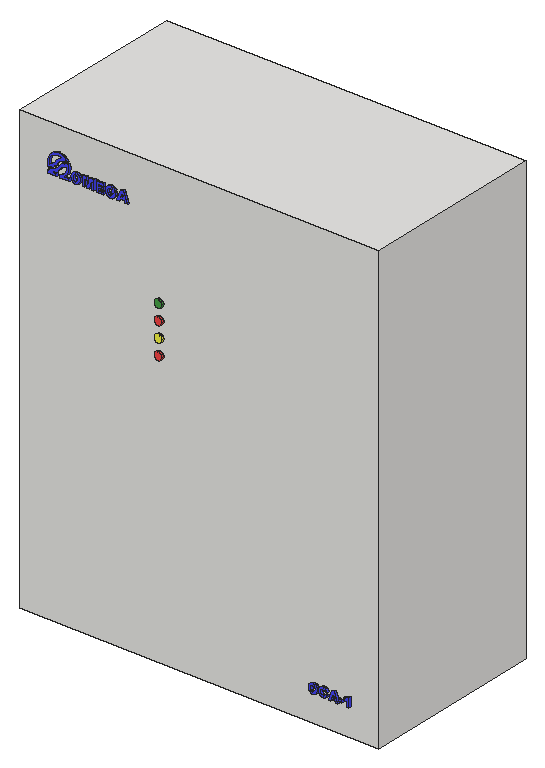
Revit family "ARBM_Прибор_Управления_Оповещением_Световым_Омега-Саунд_ОСА-1_Ru_11", category Устройства вызова и оповещения, Revit 2022
Family settings
  Размер круглого соединителя = Использовать диаметр
  Тип детали = Нормальный
  Номер OmniClass = 23.80.30.11.17
  Заголовок OmniClass = Distribution Boards and Control Panels
  На основе рабочей плоскости = Да
  Всегда вертикально = Нет
  При загрузке вырезать с полостями = Нет
  Сохранять ориентацию аннотаций = Нет
  Общий = Нет
  Точка принадлежности помещению = Нет
Parameters
  УГО Смещение Y [instance] = 1000 mm
  УГО Смещение X [instance] = 1000 mm
  УГО Прямое Видимость [instance] = yes
  УГО Обратное Видимость [instance] = no
  УГО Масштаб 1 Видимость [instance] = yes
  УГО Масштаб 0.6 Видимость [instance] = no
  Default Elevation = 1219.2 mm
  В УГО Смещение Y [instance] = -УГО Смещение Y / 100 + 10 mm  # 0 mm
  В УГО Смещение X [instance] = -УГО Смещение X / 100 + 10 mm  # 0 mm
  d соед. кор. [instance] = if(d короба > 20 mm, 20 mm, d короба)  # 20 mm
  d короба [instance] = 20 mm
  ARBM_ТП_СПС_Потребляемая мощность = 30 W  # constant formula
  ARBM_ТП_СПС_Пост. ток потреб. в тревож. режиме = 775  # constant formula
  ARBM_ТП_СПС_Пост. ток потреб. в деж. режиме = 400  # constant formula
  ARBM_ТП_СПС_Номин. напряжение питания = 12 V  # constant formula
  ARBM_ТП_СПС_Мин. напряжение питания = 100 V  # constant formula
  ARBM_ТП_СПС_Макс. напряжение питания = 260 V  # constant formula
  ARBM_ПСБ_БЦО = "ARK"
  ARBM_ПС_Имя изделия = "ARK1"
  ARBM_ПП_УГО для ОД на схеме/разрезе = 0
  ARBM_ПП_УГО для ОД на плане = 0
  ARBM_ПП_Раздел спецификации ОИМ [instance] = ""
  ARBM_ПП_Раздел проекта = "Система оповещения и управления эвакуацией"
  ARBM_ПИ_Разработчик модели (телефон) = "+37529-698-54-00"  # constant formula
  ARBM_ПИ_Разработчик модели (email) = "sd@aerbim.com"  # constant formula
  ARBM_ПИ_Разработчик модели (URL) = "https://aerbim.com"
  ARBM_ПИ_Разработчик модели = "Группа компаний AerBIM"  # constant formula
  ARBM_ПИ_Дата изменения семейств = ""
  ARBM_SP_NeedMark [instance] = yes
  ARBM_SP_IsEmbedded [instance] = yes
  ARBM_SP_ElementNumber [instance] = 0
  ARBM_SP_ElementMark [instance] = ""
  ARBM_SP_ElementIndex [instance] = 0
  ARBM_SP_ElementAltMark [instance] = ""
  ARBM_SP_CircuitName [instance] = ""
  ARBM_SP_AddressCount [instance] = 0
  ARBM_SP_AdaptationForMarking = 0
  ADSK_Размер_Ширина = 205 mm  # constant formula
  ADSK_Размер_Глубина = 105 mm  # constant formula
  ADSK_Размер_Высота = 255 mm  # constant formula
  ADSK_Примечание = ""
  ADSK_Позиция = ""
  ADSK_Обозначение = ""
  ADSK_Наименование краткое = "Прибор управления"  # constant formula
  ADSK_Наименование = "Прибор управления световым оповещением"  # constant formula
  ADSK_Масса = 2  # constant formula
  ADSK_Марка = "ОСА-1"  # constant formula
  ADSK_Код изделия = "ОСА-1"  # constant formula
  ADSK_Зона = ""
  ADSK_Завод-изготовитель = "Омега Саунд"  # constant formula
  ADSK_Единица измерения = "шт"  # constant formula
  ADSK_Версия семейства = "Версия 1"  # constant formula
  ADSK_Версия Revit = "2020"  # constant formula
  ADSK_URL страницы изделия = "https://omegasound.ru/product/sistemy-opoveshcheniya-i-upravleniya-evakuatsiey/pribory-upravleniya-i-usiliteli-moshchnosti/pribor-upravleniya-osa-1/"
  ADSK_URL документации изделия = "https://omegasound.ru/upload/iblock/b28/OSA_1_v1.7.pdf"
Reference planes
  plane 1 "По центру (Вперед/Назад)": y = 0
  plane 2: z = 0
  plane 3 "По центру (Влево/Вправо)": x = 0
  plane 4: x = 500
  plane 5: y = 500
  plane 6: x = 102.5
  plane 7: x = -102.5
  plane 8: y = -105
  plane 9: z = 255
Lines and regions (mm)
  reference lines
    curve 1: line (-500, 0, 0) -> (-500, -500, 0)
    curve 2: line (-500, -500, 0) -> (500, -500, 0)
Dimensions and locks
  equal spacing: plane 7, plane 3 "По центру (Влево/Вправо)", plane 6
  "ADSK_Размер_Ширина": plane 7 to plane 6
  "ADSK_Размер_Высота": plane 9 to plane 2
  "УГО Смещение Y": curve 2 to plane 5
  locked: curve 1 to curve 1 at 500
  "УГО Смещение X": curve 1 to plane 4
  locked: curve 2 to curve 2 at 1000
  aligned and locked: level to plane 2
  aligned and locked: nested 1 to plane 7
  aligned and locked: plane 1 "По центру (Вперед/Назад)" to nested 1
  aligned and locked: plane 6 to nested 1
  aligned and locked: plane 8 to nested 1
Nested families
  nested 1: "ARBM_Корпус_Прибор_Управления_Оповещением_Световым" at (0, 0, 0), type "ARBM_Корпус_Прибор_Управления_Оповещением_Световым"
  nested 2: "AER_УГО_ПКП_Обратное" at (0, 0, 0), visible <- "УГО Обратное Видимость", Смещение X <- "В УГО Смещение X", Смещение Y <- "В УГО Смещение Y", УГО Масштаб 0.6 Видимость <- "УГО Масштаб 0.6 Видимость", УГО Масштаб 1 Видимость <- "УГО Масштаб 1 Видимость", type "AER_УГО_ПКП_Обратное", detail levels coarse
    with УГО Масштаб 1 Видимость yes, УГО Масштаб 0.6 Видимость no, Смещение Y 0 mm, Смещение X 0 mm, В Смещение Y 10 mm, В Смещение X 10 mm
  nested 3: "ARBM_УГО_ПКП_Прямое" at (0, 0, 0), visible <- "УГО Прямое Видимость", Смещение X <- "В УГО Смещение X", Смещение Y <- "В УГО Смещение Y", УГО Масштаб 0.6 Видимость <- "УГО Масштаб 0.6 Видимость", УГО Масштаб 1 Видимость <- "УГО Масштаб 1 Видимость", type "ARBM_УГО_ПКП_Прямое", detail levels coarse
    with УГО Масштаб 1 Видимость yes, УГО Масштаб 0.6 Видимость no, Смещение Y 0 mm, Смещение X 0 mm, В Смещение Y 10 mm, В Смещение X 10 mm
Connectors
  cabletrayconduit at (-102.5, -39.066, 99.564), diameter 20, driven by "d соед. кор."
    settings: on plane 7, index 2, connector width 300 mm, connector height 300 mm, connector angle 0.00°, system type 32, placement type 0, profile type 0, connector reference index -1, is primary connector yes, connector utility param no, connector description ""
  cabletrayconduit at (102.5, -39.066, 99.564), diameter 20, driven by "d соед. кор."
    settings: on plane 6, index 3, connector width 300 mm, connector height 300 mm, connector angle 0.00°, system type 32, placement type 0, profile type 0, connector reference index -1, is primary connector no, connector utility param no, connector description ""
  cabletrayconduit at (0, -37.207, 0), diameter 20, driven by "d соед. кор."
    settings: on plane 2, index 4, connector width 300 mm, connector height 300 mm, connector angle 0.00°, system type 32, placement type 0, profile type 0, connector reference index -1, is primary connector no, connector utility param no, connector description ""
  cabletrayconduit at (0, -37.207, 255), diameter 20, driven by "d соед. кор."
    settings: on plane 9, index 5, connector width 300 mm, connector height 300 mm, connector angle 0.00°, system type 32, placement type 0, profile type 0, connector reference index -1, is primary connector no, connector utility param no, connector description ""
  electrical at (0, 0, 0)
    settings: on plane 1 "По центру (Вперед/Назад)", index 6, voltage 0 V, apparent load 0 VA, apparent load phase1 0 VA, apparent load phase2 0 VA, apparent load phase3 0 VA, power factor 1, load classification "Прочее", number of poles 1, system type 12, power factor state 1, is connector primary yes, connector utility no, sub classification motor no, connector description ""
Definition of nested family "ARBM_Корпус_Прибор_Управления_Оповещением_Световым"
  Parameters (values of type "ARBM_Корпус_Прибор_Управления_Оповещением_Световым")
    Default Elevation = 1219.2 mm
    ADSK_Размер_Ширина = 205 mm
    ADSK_Размер_Глубина = 105 mm
    ADSK_Размер_Высота = 255 mm
  Reference planes
    plane 1 "По центру (Вперед/Назад)": y = 0
    plane 2: z = 0
    plane 3 "По центру (Влево/Вправо)": x = 0
    plane 4: x = -102.5
    plane 5: x = 102.5
    plane 6: y = -105
    plane 7: z = 255
    plane 8: x = -62.791
    plane 9: x = -43.232
    plane 10: x = 77.447
    plane 11: z = 171.897
    plane 12: z = 127.5
  Forms (mm)
    Extrusion 1, solid, detail levels medium+fine
      sketch origin (0, 0, 0) x (1, 0, 0) y (0, 1, 0)
        loop
          line (-102.5, -105) -> (102.5, -105) -> (102.5, 0) -> (-102.5, 0) -> (-102.5, -105)
      from 0 to 255
    Extrusion 2, solid, detail levels medium+fine
      sketch origin (0, 0, 0) x (1, 0, 0) y (0, 0, 1)
        loop
          arc (-85.682, 233.002) -> (-82.679, 233.522) -> (-80.419, 235.569) r 5.473
          arc (-80.419, 235.569) -> (-78.068, 237.987) -> (-74.746, 238.574) r 5.49
          arc (-74.746, 238.574) -> (-82.764, 240.793) -> (-85.682, 233.002) r 6.161
        loop
          arc (-84.758, 234.336) -> (-82.613, 235.14) -> (-81.062, 236.827) r 4.934
          arc (-81.062, 236.827) -> (-79.519, 238.566) -> (-77.387, 239.497) r 5.409
          arc (-77.387, 239.497) -> (-82.815, 239.404) -> (-84.758, 234.336) r 4.851
        loop
          arc (-74.03, 237.431) -> (-77.515, 236.917) -> (-79.889, 234.316) r 5.248
          arc (-79.889, 234.316) -> (-82.191, 232.456) -> (-85.095, 231.888) r 6.14
          arc (-85.095, 231.888) -> (-84.522, 231.187) -> (-83.862, 230.565) r 6.976
          line (-83.862, 230.565) -> (-86.006, 230.565) -> (-86.006, 229.15) -> (-81.084, 229.15) -> (-81.084, 230.629) -> (-82.255, 231.126)
          arc (-82.255, 231.126) -> (-80.002, 232.09) -> (-78.389, 233.935) r 5.521
          arc (-78.389, 233.935) -> (-77.069, 235.392) -> (-75.223, 236.07) r 4.115
          arc (-75.223, 236.07) -> (-75.832, 232.552) -> (-78.798, 230.565) r 4.535
          line (-78.798, 230.565) -> (-78.798, 229.15) -> (-73.798, 229.15) -> (-73.798, 230.542) -> (-75.921, 230.542)
          arc (-75.921, 230.542) -> (-73.916, 233.696) -> (-74.03, 237.431) r 6.355
        loop
          spline (-69.806, 233.912) -> (-70.143, 233.85) -> (-70.456, 233.669) -> (-70.725, 233.381) -> (-70.932, 233.006) -> (-71.061, 232.568) -> (-71.106, 232.099) -> (-71.061, 231.629) -> (-70.932, 231.192) -> (-70.725, 230.816) -> (-70.456, 230.528) -> (-70.143, 230.347) -> (-69.806, 230.285)
          spline (-69.806, 230.285) -> (-69.47, 230.347) -> (-69.157, 230.528) -> (-68.888, 230.816) -> (-68.681, 231.192) -> (-68.552, 231.629) -> (-68.507, 232.099) -> (-68.552, 232.568) -> (-68.681, 233.006) -> (-68.888, 233.381) -> (-69.157, 233.669) -> (-69.47, 233.85) -> (-69.806, 233.912)
        loop
          spline (-69.806, 235.069) -> (-70.507, 234.968) -> (-71.159, 234.672) -> (-71.72, 234.202) -> (-72.15, 233.589) -> (-72.42, 232.875) -> (-72.512, 232.109) -> (-72.42, 231.343) -> (-72.15, 230.629) -> (-71.72, 230.016) -> (-71.159, 229.546) -> (-70.507, 229.25) -> (-69.806, 229.15)
          spline (-69.806, 229.15) -> (-69.106, 229.25) -> (-68.453, 229.546) -> (-67.892, 230.016) -> (-67.462, 230.629) -> (-67.192, 231.343) -> (-67.1, 232.109) -> (-67.192, 232.875) -> (-67.462, 233.589) -> (-67.892, 234.202) -> (-68.453, 234.672) -> (-69.106, 234.968) -> (-69.806, 235.069)
        loop
          line (-66.125, 229.431) -> (-64.644, 229.431) -> (-64.644, 233.206) -> (-63.561, 229.431) -> (-62.003, 229.431) -> (-60.938, 233.145) -> (-60.938, 229.431) -> (-59.457, 229.431) -> (-59.457, 234.944) -> (-61.797, 234.944) -> (-62.791, 231.691) -> (-63.785, 234.944) -> (-66.125, 234.944) -> (-66.125, 229.431)
        loop
          line (-58.148, 234.944) -> (-58.148, 229.15) -> (-53.871, 229.15) -> (-53.871, 230.361) -> (-56.749, 230.361) -> (-56.749, 231.544) -> (-53.871, 231.544) -> (-53.871, 232.593) -> (-56.749, 232.593) -> (-56.749, 233.454) -> (-53.871, 233.454) -> (-53.871, 234.944) -> (-58.148, 234.944)
        loop
          arc (-47.281, 233.647) -> (-52.858, 232.004) -> (-47.281, 230.361) r 3.03
          line (-47.281, 230.361) -> (-47.281, 232.593) -> (-49.555, 232.593) -> (-49.555, 231.544) -> (-48.165, 231.544)
          arc (-48.165, 231.544) -> (-51.556, 231.812) -> (-48.461, 233.224) r 1.757
          line (-48.461, 233.224) -> (-47.281, 233.647)
        loop
          line (-43.232, 235.1) -> (-44.063, 235.1) -> (-46.229, 229.15) -> (-44.797, 229.15) -> (-44.356, 230.361) -> (-43.232, 230.361) -> (-42.108, 230.361) -> (-41.667, 229.15) -> (-40.235, 229.15) -> (-42.401, 235.1) -> (-43.232, 235.1)
        loop
          line (-42.636, 231.666) -> (-43.232, 233.45) -> (-43.881, 231.666) -> (-42.636, 231.666)
        loop
          spline (65.904, 19.817) -> (65.568, 19.762) -> (65.254, 19.6) -> (64.985, 19.343) -> (64.779, 19.008) -> (64.649, 18.618) -> (64.605, 18.2) -> (64.649, 17.781) -> (64.779, 17.392) -> (64.985, 17.057) -> (65.254, 16.8) -> (65.568, 16.638) -> (65.904, 16.583)
          spline (65.904, 16.583) -> (66.24, 16.638) -> (66.553, 16.8) -> (66.822, 17.057) -> (67.029, 17.392) -> (67.159, 17.781) -> (67.203, 18.2) -> (67.159, 18.618) -> (67.029, 19.008) -> (66.822, 19.343) -> (66.553, 19.6) -> (66.24, 19.762) -> (65.904, 19.817)
        loop
          spline (65.904, 20.945) -> (65.204, 20.851) -> (64.551, 20.578) -> (63.991, 20.144) -> (63.56, 19.577) -> (63.29, 18.918) -> (63.198, 18.21) -> (63.29, 17.503) -> (63.56, 16.843) -> (63.991, 16.277) -> (64.551, 15.842) -> (65.204, 15.569) -> (65.904, 15.476)
          spline (65.904, 15.476) -> (66.605, 15.569) -> (67.257, 15.842) -> (67.818, 16.277) -> (68.248, 16.843) -> (68.518, 17.503) -> (68.611, 18.21) -> (68.518, 18.918) -> (68.248, 19.577) -> (67.818, 20.144) -> (67.257, 20.578) -> (66.605, 20.851) -> (65.904, 20.945)
        loop
          arc (74.166, 17.555) -> (69.146, 18.322) -> (74.166, 19.089) r 2.568
          line (74.166, 19.089) -> (72.982, 19.089)
          arc (72.982, 19.089) -> (70.29, 18.322) -> (72.982, 17.555) r 1.456
          line (72.982, 17.555) -> (74.166, 17.555)
        loop
          line (77.447, 20.893) -> (76.616, 20.893) -> (74.691, 15.603) -> (76.122, 15.603) -> (76.479, 16.583) -> (77.447, 16.583) -> (78.414, 16.583) -> (78.771, 15.603) -> (80.203, 15.603) -> (78.277, 20.893) -> (77.447, 20.893)
        loop
          line (78.042, 17.459) -> (77.447, 19.242) -> (76.798, 17.459) -> (78.042, 17.459)
        loop
          line (80.459, 18.083) -> (80.459, 16.85) -> (82.552, 16.85) -> (82.552, 18.083) -> (80.459, 18.083)
        loop
          line (83.436, 19.496) -> (83.436, 18.482)
          arc (83.436, 18.482) -> (84.389, 18.651) -> (85.252, 19.089) r 3.292
          line (85.252, 19.089) -> (85.252, 15.603) -> (86.372, 15.603) -> (86.372, 20.893) -> (85.274, 20.893)
          arc (85.274, 20.893) -> (84.642, 19.817) -> (83.436, 19.496) r 1.642
      from 105 to 106
    Extrusion 3, solid, detail levels medium+fine
      sketch origin (-102.5, -105, 0) x (1, 0, 0) y (0, 0, 1)
        loop
          circle (79.728, 184.355) r 2.213
      from 0 to 1
    Extrusion 4, solid, detail levels medium+fine
      sketch origin (-102.5, -105, -8.853) x (1, 0, 0) y (0, 0, 1)
        loop
          circle (79.728, 184.355) r 2.213
      from 0 to 1
    Extrusion 5, solid, detail levels medium+fine
      sketch origin (-102.5, -105, -17.845) x (1, 0, 0) y (0, 0, 1)
        loop
          circle (79.728, 184.355) r 2.213
      from 0 to 1
    Extrusion 6, solid, detail levels medium+fine
      sketch origin (-102.5, -105, -26.794) x (1, 0, 0) y (0, 0, 1)
        loop
          circle (79.728, 184.355) r 2.213
      from 0 to 1
    Extrusion 7, solid, detail levels coarse
      sketch origin (0, 0, 0) x (1, 0, 0) y (0, 1, 0)
        loop
          line (-102.5, 0) -> (-102.5, -105) -> (102.5, -105) -> (102.5, 0) -> (-102.5, 0)
      from 0 to 255
    Extrusion 8, solid, detail levels coarse
      sketch origin (0, 0, 0) x (1, 0, 0) y (0, 1, 0)
        loop
          line (-102.5, 0) -> (-102.5, -105) -> (102.5, -105) -> (102.5, 0) -> (-102.5, 0)
      from 0 to 255
  Lines and regions (mm)
    model lines, detail levels medium+fine
      curve 1: line (-50.555, -105, 193.214) -> (45.821, -105, 193.214)
      curve 2: line (45.821, -105, 193.214) -> (45.821, -105, 150.581)
      curve 3: line (45.821, -105, 150.581) -> (-50.555, -105, 150.581)
      curve 4: line (-50.555, -105, 150.581) -> (-50.555, -105, 193.214)
      curve 5: arc (-48.651, -105, 189.109) -> (-48.038, -105, 190.589) -> (-46.558, -105, 191.202) r 2.093
      curve 6: line (-46.558, -105, 191.202) -> (41.353, -105, 191.202)
      curve 7: line (-48.651, -105, 189.109) -> (-48.651, -105, 154.96)
      curve 8: arc (43.446, -105, 189.109) -> (42.833, -105, 190.589) -> (41.353, -105, 191.202) r 2.093
      curve 9: arc (-48.651, -105, 154.96) -> (-48.038, -105, 153.48) -> (-46.558, -105, 152.867) r 2.093
      curve 10: arc (43.446, -105, 154.96) -> (42.833, -105, 153.48) -> (41.353, -105, 152.867) r 2.093
      curve 11: line (43.446, -105, 189.109) -> (43.446, -105, 154.96)
      curve 12: line (-46.558, -105, 152.867) -> (41.353, -105, 152.867)
      curve 13: arc (-92.773, -105, 247.286) -> (-94.153, -105, 246.714) -> (-94.725, -105, 245.334) r 1.952
      curve 14: line (-92.773, -105, 247.286) -> (0, -105, 247.286)
      curve 15: arc (92.773, -105, 247.286) -> (94.153, -105, 246.714) -> (94.725, -105, 245.334) r 1.952
      curve 16: line (92.773, -105, 247.286) -> (0, -105, 247.286)
      curve 17: arc (-92.773, -105, 7.714) -> (-94.153, -105, 8.286) -> (-94.725, -105, 9.666) r 1.952
      curve 18: line (-92.773, -105, 7.714) -> (0, -105, 7.714)
      curve 19: arc (92.773, -105, 7.714) -> (94.153, -105, 8.286) -> (94.725, -105, 9.666) r 1.952
      curve 20: line (92.773, -105, 7.714) -> (0, -105, 7.714)
      curve 21: line (-94.725, -105, 245.334) -> (-94.725, -105, 9.666)
      curve 22: line (94.725, -105, 245.334) -> (94.725, -105, 9.666)
  Dimensions and locks
    "ADSK_Размер_Глубина": plane 6 to plane 1 "По центру (Вперед/Назад)"
    "ADSK_Размер_Ширина": plane 4 to plane 5
    "ADSK_Размер_Высота": plane 7 to plane 2
    aligned and locked: level to plane 2
    aligned and locked: Extrusion 1 sketch curve to plane 6
    aligned and locked: Extrusion 1 sketch curve to plane 4
    aligned and locked: Extrusion 1 sketch curve to plane 1 "По центру (Вперед/Назад)"
    aligned and locked: Extrusion 1 sketch curve to plane 5
    aligned and locked: Extrusion 1 to level
    aligned and locked: plane 7 to Extrusion 1
    aligned and locked: plane 6 to Extrusion 2
    aligned and locked: Extrusion 7 sketch curve to Extrusion 1  (x4)
    aligned and locked: plane 7 to Extrusion 7
    aligned and locked: Extrusion 7 to level
    aligned and locked: plane 1 "По центру (Вперед/Назад)" to Extrusion 8 sketch curve
    aligned and locked: Extrusion 8 sketch curve to plane 4
    aligned and locked: plane 6 to Extrusion 8 sketch curve
    aligned and locked: Extrusion 8 sketch curve to plane 5
    aligned and locked: Extrusion 8 to level
    aligned and locked: plane 7 to Extrusion 8
  Automatic sketch dimensions
    Extrusion 2 sketch curve to plane 8 = 0 mm
    Extrusion 2 sketch curve to plane 9 = 0 mm  (x3)
    Extrusion 2 sketch curve to plane 10 = 0 mm  (x3)
    Extrusion 2 sketch curve to plane 8 = 0.77 mm
    Extrusion 2 sketch curve to plane 8 = 0.994 mm
    Extrusion 2 sketch curve to Extrusion 2 sketch curve = 1.083 mm
    Extrusion 2 sketch curve to Extrusion 2 sketch curve = 1.481 mm  (x2)
    Extrusion 2 sketch curve to Extrusion 2 sketch curve = 7.673 mm
    Extrusion 2 sketch curve to Extrusion 2 sketch curve = 0.97 mm
    Extrusion 2 sketch curve to Extrusion 2 sketch curve = 0.283 mm
    Extrusion 2 sketch curve to Extrusion 2 sketch curve = 0.447 mm
    Extrusion 2 sketch curve to Extrusion 2 sketch curve = 1.153 mm
    Extrusion 2 sketch curve to Extrusion 2 sketch curve = 0.841 mm
    Extrusion 2 sketch curve to Extrusion 2 sketch curve = 2.877 mm
    Extrusion 2 sketch curve to Extrusion 2 sketch curve = 3.081 mm
    Extrusion 2 sketch curve to Extrusion 2 sketch curve = 0.215 mm
    Extrusion 2 sketch curve to Extrusion 2 sketch curve = 0.332 mm
    Extrusion 2 sketch curve to Extrusion 2 sketch curve = 0.065 mm
    Extrusion 2 sketch curve to Extrusion 2 sketch curve = 0.012 mm
    Extrusion 2 sketch curve to Extrusion 2 sketch curve = 2.286 mm
    Extrusion 2 sketch curve to Extrusion 2 sketch curve = 1.171 mm
    Extrusion 2 sketch curve to Extrusion 2 sketch curve = 3.216 mm
    Extrusion 2 sketch curve to Extrusion 2 sketch curve = 1.607 mm  (x2)
    Extrusion 2 sketch curve to Extrusion 2 sketch curve = 1.538 mm
    Extrusion 2 sketch curve to Extrusion 2 sketch curve = 0.292 mm
    Extrusion 2 sketch curve to Extrusion 2 sketch curve = 0.293 mm
    Extrusion 2 sketch curve to Extrusion 2 sketch curve = 2.143 mm
    plane 8 to Extrusion 2 sketch curve = 0.788 mm
    plane 8 to Extrusion 2 sketch curve = 0.994 mm
    Extrusion 2 sketch curve to Extrusion 2 sketch curve = 1.065 mm
    Extrusion 2 sketch curve to Extrusion 2 sketch curve = 1.309 mm
    Extrusion 2 sketch curve to Extrusion 2 sketch curve = 1.399 mm
    Extrusion 2 sketch curve to Extrusion 2 sketch curve = 0 mm  (x14)
    Extrusion 2 sketch curve to Extrusion 2 sketch curve = 2.878 mm
    Extrusion 2 sketch curve to Extrusion 2 sketch curve = 4.044 mm
    Extrusion 2 sketch curve to Extrusion 2 sketch curve = 0.002 mm
    Extrusion 2 sketch curve to Extrusion 2 sketch curve = 0.27 mm
    Extrusion 2 sketch curve to Extrusion 2 sketch curve = 1.095 mm
    Extrusion 2 sketch curve to Extrusion 2 sketch curve = 1.391 mm
    Extrusion 2 sketch curve to Extrusion 2 sketch curve = 1.18 mm
    Extrusion 2 sketch curve to Extrusion 2 sketch curve = 1.052 mm
    Extrusion 2 sketch curve to Extrusion 2 sketch curve = 1.431 mm  (x3)
    Extrusion 2 sketch curve to Extrusion 2 sketch curve = 1.124 mm
    Extrusion 2 sketch curve to Extrusion 2 sketch curve = 0.831 mm  (x2)
    Extrusion 2 sketch curve to plane 9 = 0.649 mm
    plane 9 to Extrusion 2 sketch curve = 0.596 mm
    plane 9 to Extrusion 2 sketch curve = 0.831 mm
    plane 9 to Extrusion 2 sketch curve = 1.124 mm
    Extrusion 2 sketch curve to Extrusion 2 sketch curve = 0.441 mm
    Extrusion 2 sketch curve to plane 10 = 5.732 mm
    Extrusion 2 sketch curve to Extrusion 2 sketch curve = 0.031 mm
    Extrusion 2 sketch curve to Extrusion 2 sketch curve = 1.237 mm  (x2)
    Extrusion 2 sketch curve to Extrusion 2 sketch curve = 1.184 mm  (x2)
    Extrusion 2 sketch curve to Extrusion 2 sketch curve = 0.525 mm
    Extrusion 2 sketch curve to plane 10 = 1.325 mm
    Extrusion 2 sketch curve to Extrusion 2 sketch curve = 0.968 mm
    Extrusion 2 sketch curve to plane 10 = 0.649 mm
    plane 10 to Extrusion 2 sketch curve = 0.596 mm
    plane 10 to Extrusion 2 sketch curve = 0.831 mm
    Extrusion 2 sketch curve to Extrusion 2 sketch curve = 0.372 mm
    Extrusion 2 sketch curve to Extrusion 2 sketch curve = 0.357 mm
    Extrusion 2 sketch curve to Extrusion 2 sketch curve = 0.256 mm
    Extrusion 2 sketch curve to Extrusion 2 sketch curve = 2.093 mm
    Extrusion 2 sketch curve to Extrusion 2 sketch curve = 0.794 mm
    Extrusion 2 sketch curve to Extrusion 2 sketch curve = 0.884 mm
    Extrusion 2 sketch curve to Extrusion 2 sketch curve = 0.302 mm
    Extrusion 2 sketch curve to Extrusion 2 sketch curve = 1.816 mm
    Extrusion 2 sketch curve to Extrusion 2 sketch curve = 1.626 mm
    Extrusion 2 sketch curve to Extrusion 2 sketch curve = 1.12 mm
    level to Extrusion 2 sketch curve = 15.603 mm
    Extrusion 2 sketch curve to Extrusion 2 sketch curve = 0.98 mm
    Extrusion 2 sketch curve to Extrusion 2 sketch curve = 1.247 mm
    Extrusion 2 sketch curve to Extrusion 2 sketch curve = 0.875 mm
    Extrusion 2 sketch curve to Extrusion 2 sketch curve = 1.952 mm
    Extrusion 2 sketch curve to Extrusion 2 sketch curve = 1.233 mm
    Extrusion 2 sketch curve to Extrusion 2 sketch curve = 0.767 mm
    Extrusion 2 sketch curve to Extrusion 2 sketch curve = 0.4 mm
    Extrusion 2 sketch curve to Extrusion 2 sketch curve = 0.606 mm
    Extrusion 2 sketch curve to Extrusion 2 sketch curve = 1.783 mm  (x2)
    Extrusion 2 sketch curve to Extrusion 2 sketch curve = 1.014 mm
    Extrusion 2 sketch curve to Extrusion 2 sketch curve = 1.804 mm
    Extrusion 2 sketch curve to Extrusion 2 sketch curve = 1.651 mm  (x2)
    Extrusion 2 sketch curve to plane 7 = 25.85 mm  (x2)
    Extrusion 2 sketch curve to Extrusion 2 sketch curve = 0.281 mm  (x2)
    Extrusion 2 sketch curve to Extrusion 2 sketch curve = 1.211 mm  (x3)
    Extrusion 2 sketch curve to Extrusion 2 sketch curve = 1.393 mm
    Extrusion 2 sketch curve to Extrusion 2 sketch curve = 1.416 mm  (x2)
    Extrusion 2 sketch curve to Extrusion 2 sketch curve = 1.479 mm
    Extrusion 2 sketch curve to Extrusion 2 sketch curve = 0.497 mm
    Extrusion 2 sketch curve to Extrusion 2 sketch curve = 1.183 mm  (x2)
    Extrusion 2 sketch curve to Extrusion 2 sketch curve = 1.306 mm
    Extrusion 2 sketch curve to Extrusion 2 sketch curve = 2.26 mm
    Extrusion 2 sketch curve to Extrusion 2 sketch curve = 1.438 mm
    Extrusion 2 sketch curve to Extrusion 2 sketch curve = 0.46 mm
    Extrusion 2 sketch curve to Extrusion 2 sketch curve = 0.113 mm
    Extrusion 2 sketch curve to Extrusion 2 sketch curve = 0.304 mm
    Extrusion 2 sketch curve to Extrusion 2 sketch curve = 0.476 mm
    Extrusion 2 sketch curve to Extrusion 2 sketch curve = 1.049 mm
    Extrusion 2 sketch curve to Extrusion 2 sketch curve = 0.852 mm
    Extrusion 2 sketch curve to Extrusion 2 sketch curve = 1.454 mm
    Extrusion 2 sketch curve to Extrusion 2 sketch curve = 1.516 mm
    Extrusion 2 sketch curve to Extrusion 2 sketch curve = 0.861 mm
    Extrusion 2 sketch curve to Extrusion 2 sketch curve = 1.055 mm
    Extrusion 2 sketch curve to Extrusion 2 sketch curve = 1.738 mm
    Extrusion 2 sketch curve to Extrusion 2 sketch curve = 1.8 mm
    Extrusion 2 sketch curve to Extrusion 2 sketch curve = 1.491 mm
    Extrusion 2 sketch curve to Extrusion 2 sketch curve = 0.832 mm
    Extrusion 2 sketch curve to Extrusion 2 sketch curve = 0.075 mm
    Extrusion 2 sketch curve to Extrusion 2 sketch curve = 0.052 mm
    Extrusion 2 sketch curve to Extrusion 2 sketch curve = 0.514 mm
    Extrusion 2 sketch curve to Extrusion 2 sketch curve = 1.127 mm
    Extrusion 2 sketch curve to Extrusion 2 sketch curve = 1.464 mm
    Extrusion 2 sketch curve to Extrusion 2 sketch curve = 0.42 mm
    Extrusion 2 sketch curve to Extrusion 2 sketch curve = 0.79 mm
    Extrusion 2 sketch curve to Extrusion 2 sketch curve = 3.681 mm
    Extrusion 2 sketch curve to Extrusion 2 sketch curve = 2.31 mm
    Extrusion 2 sketch curve to Extrusion 2 sketch curve = 0.716 mm
    Extrusion 2 sketch curve to Extrusion 2 sketch curve = 1.193 mm
    Extrusion 2 sketch curve to Extrusion 2 sketch curve = 2.641 mm
    Extrusion 2 sketch curve to Extrusion 2 sketch curve = 0.254 mm
    Extrusion 2 sketch curve to Extrusion 2 sketch curve = 0.387 mm
    Extrusion 2 sketch curve to Extrusion 2 sketch curve = 0.643 mm
    Extrusion 2 sketch curve to Extrusion 2 sketch curve = 0.587 mm
    Extrusion 2 sketch curve to Extrusion 2 sketch curve = 5.811 mm
    Extrusion 2 sketch curve to Extrusion 2 sketch curve = 0.122 mm
    Extrusion 2 sketch curve to Extrusion 2 sketch curve = 0.01 mm  (x2)
    Extrusion 2 sketch curve to Extrusion 2 sketch curve = 1.128 mm
    Extrusion 2 sketch curve to Extrusion 2 sketch curve = 1.556 mm
    Extrusion 2 sketch curve to Extrusion 2 sketch curve = 1.803 mm
    Extrusion 2 sketch curve to Extrusion 2 sketch curve = 1.156 mm
    curve 21 to Extrusion 1 = 7.775 mm
    curve 17 to curve 18 = 1.952 mm
    curve 13 to curve 14 = 1.952 mm
    curve 1 to Extrusion 1 = 51.945 mm
    curve 1 to curve 7 = 1.904 mm
    curve 9 to curve 9 = 2.093 mm
    curve 5 to curve 5 = 2.093 mm
    Extrusion 1 to curve 16 = 7.714 mm
    curve 5 to curve 16 = 46.558 mm
    Extrusion 1 to curve 20 = 7.714 mm
    curve 17 to curve 20 = 92.773 mm
    curve 8 to Extrusion 1 = 61.147 mm
    curve 8 to curve 10 = 0 mm
    curve 10 to curve 11 = 2.093 mm
    curve 11 to curve 2 = 2.374 mm
    curve 19 to Extrusion 1 = 9.727 mm
    curve 15 to Extrusion 1 = 9.727 mm
    curve 15 to curve 22 = 1.952 mm
    Extrusion 1 to curve 3 = 104.419 mm
    curve 2 to curve 12 = 2.286 mm
    curve 10 to curve 8 = 34.149 mm
    curve 11 to curve 2 = 4.105 mm
    Extrusion 3 sketch curve to Extrusion 1 = 79.728 mm
    Extrusion 1 to Extrusion 3 sketch curve = 70.645 mm
    Extrusion 4 sketch curve to Extrusion 1 = 79.728 mm
    Extrusion 1 to Extrusion 4 sketch curve = 79.498 mm
    Extrusion 5 sketch curve to Extrusion 1 = 79.728 mm
    Extrusion 1 to Extrusion 5 sketch curve = 88.489 mm
    Extrusion 6 sketch curve to Extrusion 1 = 79.728 mm
    Extrusion 1 to Extrusion 6 sketch curve = 97.439 mm
    radius of Extrusion 3 sketch curve = 2.213 mm
    radius of Extrusion 4 sketch curve = 2.213 mm
    radius of Extrusion 5 sketch curve = 2.213 mm
    radius of Extrusion 6 sketch curve = 2.213 mm
Definition of nested family "AER_УГО_ПКП_Обратное"
  Parameters (values of type "AER_УГО_ПКП_Обратное")
    УГО Масштаб 1 Видимость [instance] = no
    УГО Масштаб 0.6 Видимость [instance] = yes
    Смещение Y [instance] = 0 mm
    Смещение X [instance] = 0 mm
    В Смещение Y [instance] = Смещение Y + 10 mm  # 10 mm
    В Смещение X [instance] = Смещение X + 10 mm  # 10 mm
  Reference planes
    plane 1: y = 0
    plane 2: x = 0
  Lines and regions (mm)
    Masking region 1, visible <- "УГО Масштаб 1 Видимость", not visible
      outline origin (0, 0, 0) x (1, 0, 0) y (0, 1, 0)
        loop
          line (-2.5, 2.5) -> (2.5, 2.5) -> (6, 6) -> (0, 6) -> (-6, 6) -> (-2.5, 2.5)
    Masking region 2, visible <- "УГО Масштаб 1 Видимость", not visible
      outline origin (0, 0, 0) x (1, 0, 0) y (0, 1, 0)
        loop
          line (-2.5, 0) -> (0, 0) -> (2.5, 0) -> (2.5, 2.5) -> (-2.5, 2.5) -> (-2.5, 0)
    Masking region 3, not visible
      outline origin (-80, 0, 0) x (1, 0, 0) y (0, 1, 0)
        loop
          line (78, 2) -> (82, 2) -> (84.8, 4.8) -> (75.2, 4.8) -> (78, 2)
    Masking region 4, not visible
      outline origin (-80, 0, 0) x (1, 0, 0) y (0, 1, 0)
        loop
          line (78, 0) -> (80.5, 0) -> (82, 0) -> (82, 2) -> (78, 2) -> (78, 0)
    Masking region 5, visible <- "УГО Масштаб 0.6 Видимость", not visible
      outline origin (-150, 0, 0) x (1, 0, 0) y (0, 1, 0)
        loop
          line (148.75, 1.25) -> (151.25, 1.25) -> (153, 3) -> (147, 3) -> (148.75, 1.25)
    Masking region 6, visible <- "УГО Масштаб 0.6 Видимость", not visible
      outline origin (-150, 0, 0) x (1, 0, 0) y (0, 1, 0)
        loop
          line (148.75, 0) -> (151.25, 0) -> (151.25, 1.25) -> (148.75, 1.25) -> (148.75, 0)
    Filled region 1, type "Цветовая область 1", visible <- "УГО Масштаб 1 Видимость"
      outline origin (0, -0.039, 0) x (1, 0, 0) y (0, 1, 0)
        loop
          line (0, 0.039) -> (0, -2.423) -> (5, -2.423) -> (5, 0.039) -> (0, 0.039)
    Filled region 2, type "Цветовая область 1", visible <- "УГО Масштаб 0.6 Видимость"
      outline origin (0, 1.923, 0) x (1, 0, 0) y (0, 1, 0)
        loop
          line (0, -1.923) -> (0, -3.423) -> (3, -3.423) -> (3, -1.923) -> (0, -1.923)
    Masking region 7, visible <- "УГО Масштаб 1 Видимость"
      outline origin (0, -0.039, 0) x (1, 0, 0) y (0, 1, 0)
        loop
          line (-5, 0.039) -> (-5, -4.923) -> (5, -4.923) -> (5, -2.423) -> (0, -2.423) -> (0, 0.039) -> (-5, 0.039)
    Masking region 8, visible <- "УГО Масштаб 0.6 Видимость"
      outline origin (0, 1.923, 0) x (1, 0, 0) y (0, 1, 0)
        loop
          line (-3, -1.923) -> (-3, -4.923) -> (3, -4.923) -> (3, -3.423) -> (0, -3.423) -> (0, -1.923) -> (-3, -1.923)
    Filled region 3, type "Цветовая область 1", visible <- "УГО Масштаб 1 Видимость", not visible
      outline origin (0, -0.039, 0) x (1, 0, 0) y (0, 1, 0)
        loop
          line (0, 2.5) -> (0, 0.039) -> (5, 0.039) -> (5, 2.5) -> (0, 2.5)
    Filled region 4, type "Цветовая область 1", visible <- "УГО Масштаб 0.6 Видимость", not visible
      outline origin (0, 1.923, 0) x (1, 0, 0) y (0, 1, 0)
        loop
          line (0, 0.538) -> (0, -0.962) -> (3, -0.962) -> (3, 0.538) -> (0, 0.538)
    Masking region 9, visible <- "УГО Масштаб 1 Видимость", not visible
      outline origin (0, -0.039, 0) x (1, 0, 0) y (0, 1, 0)
        loop
          line (-5, 2.5) -> (-5, -2.462) -> (5, -2.462) -> (5, 0.039) -> (0, 0.039) -> (0, 2.5) -> (-5, 2.5)
    Masking region 10, visible <- "УГО Масштаб 0.6 Видимость", not visible
      outline origin (0, 1.923, 0) x (1, 0, 0) y (0, 1, 0)
        loop
          line (-3, 0.538) -> (-3, -2.462) -> (3, -2.462) -> (3, -0.962) -> (0, -0.962) -> (0, 0.538) -> (-3, 0.538)
    reference lines
      curve 1: line (-15, -2.461, 0) -> (-15, -14.962, 0)
      curve 2: line (-15, -14.962, 0) -> (10.4, -14.962, 0)
    detail lines, visible <- "УГО Масштаб 1 Видимость", not visible
      curve 3: line (0, 0, 0) -> (-2.5, 0, 0)
      curve 4: line (0, 0, 0) -> (2.5, 0, 0)
      curve 5: line (-2.5, 0, 0) -> (-2.5, 2.5, 0)
      curve 6: line (-2.5, 2.5, 0) -> (2.5, 2.5, 0)
      curve 7: line (2.5, 2.5, 0) -> (2.5, 0, 0)
      curve 8: line (0, 6, 0) -> (-6, 6, 0)
      curve 9: line (0, 6, 0) -> (6, 6, 0)
      curve 10: line (2.5, 2.5, 0) -> (6, 6, 0)
      curve 11: line (-2.5, 2.5, 0) -> (-6, 6, 0)
      curve 35: line (5, 2.461, 0) -> (5, -2.501, 0)
      curve 36: line (5, 2.461, 0) -> (-5, 2.461, 0)
      curve 37: line (-5, -2.501, 0) -> (5, -2.501, 0)
      curve 38: line (-5, 2.461, 0) -> (-5, -2.501, 0)
    detail lines, not visible
      curve 12: line (-2, 0, 0) -> (-2, 2, 0)
      curve 13: line (-4.8, 4.8, 0) -> (4.8, 4.8, 0)
      curve 14: line (2, 2, 0) -> (4.8, 4.8, 0)
      curve 15: line (-2, 2, 0) -> (-4.8, 4.8, 0)
      curve 16: line (-2, 0, 0) -> (2, 0, 0)
      curve 17: line (2, 0, 0) -> (2, 2, 0)
      curve 18: line (-2, 2, 0) -> (2, 2, 0)
    detail lines, visible <- "УГО Масштаб 0.6 Видимость", not visible
      curve 19: line (-1.25, 0, 0) -> (-1.25, 1.25, 0)
      curve 20: line (-3, 3, 0) -> (3, 3, 0)
      curve 21: line (1.25, 1.25, 0) -> (3, 3, 0)
      curve 22: line (-1.25, 1.25, 0) -> (-3, 3, 0)
      curve 23: line (-1.25, 0, 0) -> (1.25, 0, 0)
      curve 24: line (-1.25, 1.25, 0) -> (1.25, 1.25, 0)
      curve 25: line (-1.25, 1.25, 0) -> (1.25, 1.25, 0)
      curve 26: line (1.25, 0, 0) -> (1.25, 1.25, 0)
      curve 39: line (3, 2.461, 0) -> (3, -0.539, 0)
      curve 40: line (3, -0.539, 0) -> (-3, -0.539, 0)
      curve 41: line (-3, -0.539, 0) -> (-3, 2.461, 0)
      curve 42: line (3, 2.461, 0) -> (-3, 2.461, 0)
    detail lines, visible <- "УГО Масштаб 1 Видимость"
      curve 27: line (5, 0, 0) -> (5, -4.962, 0)
      curve 28: line (5, 0, 0) -> (-5, 0, 0)
      curve 29: line (-5, -4.962, 0) -> (5, -4.962, 0)
      curve 30: line (-5, 0, 0) -> (-5, -4.962, 0)
    detail lines, visible <- "УГО Масштаб 0.6 Видимость"
      curve 31: line (3, 0, 0) -> (3, -3, 0)
      curve 32: line (3, -3, 0) -> (-3, -3, 0)
      curve 33: line (-3, -3, 0) -> (-3, 0, 0)
      curve 34: line (3, 0, 0) -> (-3, 0, 0)
  Dimensions and locks
    "В Смещение X": curve 1 to curve 30
    "В Смещение Y": curve 2 to curve 29
  Automatic sketch dimensions
    plane 1 to curve 1 = 2.461 mm
    curve 1 to plane 2 = 15 mm
    plane 1 to curve 2 = 14.962 mm
    plane 2 to curve 2 = 10.4 mm
    Masking region 1 sketch curve to Masking region 1 sketch curve = 3.5 mm  (x3)
    Masking region 1 sketch curve to Masking region 1 sketch curve = 2.5 mm  (x2)
    Masking region 2 sketch curve to Masking region 2 sketch curve = 2.5 mm  (x3)
    Masking region 3 sketch curve to Masking region 3 sketch curve = 2.8 mm  (x3)
    Masking region 3 sketch curve to Masking region 3 sketch curve = 4 mm
    Masking region 4 sketch curve to Masking region 4 sketch curve = 2.5 mm
    Masking region 4 sketch curve to Masking region 4 sketch curve = 1.5 mm
    Masking region 4 sketch curve to Masking region 4 sketch curve = 2 mm
    Masking region 5 sketch curve to Masking region 5 sketch curve = 1.75 mm  (x3)
    Masking region 5 sketch curve to Masking region 5 sketch curve = 2.5 mm
    Masking region 6 sketch curve to Masking region 6 sketch curve = 2.5 mm
    Masking region 6 sketch curve to Masking region 6 sketch curve = 1.25 mm
    Filled region 1 sketch curve to Filled region 1 sketch curve = 5 mm
    Filled region 1 sketch curve to Filled region 1 sketch curve = 2.461 mm
    Filled region 2 sketch curve to Filled region 2 sketch curve = 1.5 mm
    Filled region 2 sketch curve to Filled region 2 sketch curve = 3 mm
    Masking region 7 sketch curve to Masking region 7 sketch curve = 5 mm  (x2)
    Masking region 7 sketch curve to Masking region 7 sketch curve = 2.501 mm
    Masking region 7 sketch curve to Masking region 7 sketch curve = 2.461 mm
    Masking region 8 sketch curve to Masking region 8 sketch curve = 3 mm  (x2)
    Masking region 8 sketch curve to Masking region 8 sketch curve = 1.5 mm  (x2)
    Filled region 3 sketch curve to Filled region 3 sketch curve = 5 mm
    Filled region 3 sketch curve to Filled region 3 sketch curve = 2.461 mm
    Filled region 4 sketch curve to Filled region 4 sketch curve = 1.5 mm
    Filled region 4 sketch curve to Filled region 4 sketch curve = 3 mm
    Masking region 9 sketch curve to Masking region 9 sketch curve = 5 mm  (x2)
    Masking region 9 sketch curve to Masking region 9 sketch curve = 2.501 mm
    Masking region 9 sketch curve to Masking region 9 sketch curve = 2.461 mm
    Masking region 10 sketch curve to Masking region 10 sketch curve = 3 mm  (x2)
    Masking region 10 sketch curve to Masking region 10 sketch curve = 1.5 mm  (x2)
    curve 28 to curve 33 = 2 mm
    curve 32 to curve 31 = 6 mm
    curve 31 to curve 28 = 2 mm
    curve 29 to curve 31 = 1.962 mm
    curve 32 to curve 28 = 3 mm
    curve 31 to curve 27 = 0 mm
    curve 36 to curve 41 = 2 mm
    curve 40 to curve 39 = 6 mm
    curve 39 to curve 36 = 2 mm
    curve 37 to curve 39 = 1.962 mm
    curve 40 to curve 36 = 3 mm
    curve 39 to curve 35 = 0 mm
Definition of nested family "ARBM_УГО_ПКП_Прямое"
  Parameters (values of type "ARBM_УГО_ПКП_Прямое")
    УГО Масштаб 1 Видимость [instance] = yes
    УГО Масштаб 0.6 Видимость [instance] = no
    Смещение Y [instance] = 0 mm
    Смещение X [instance] = 0 mm
    В Смещение Y [instance] = Смещение Y + 10 mm  # 10 mm
    В Смещение X [instance] = Смещение X + 10 mm  # 10 mm
  Reference planes
    plane 1: y = 0
    plane 2: x = 0
  Lines and regions (mm)
    Filled region 1, type "Цветовая область 1", visible <- "УГО Масштаб 0.6 Видимость"
      outline origin (-0.018, 0.886, 0) x (-1, 0, 0) y (0, -1, 0)
        loop
          line (-0.018, 2.381) -> (2.982, 2.381) -> (2.982, 3.886) -> (-0.018, 3.886) -> (-0.018, 2.381)
    Filled region 2, type "Цветовая область 1", visible <- "УГО Масштаб 0.6 Видимость", not visible
      outline origin (-0.018, 0.886, 0) x (-1, 0, 0) y (0, -1, 0)
        loop
          line (-0.018, -2.77) -> (2.982, -2.77) -> (2.982, -1.265) -> (-0.018, -1.265) -> (-0.018, -2.77)
    Masking region 1, visible <- "УГО Масштаб 0.6 Видимость"
      outline origin (0, 2.151, 0) x (-1, 0, 0) y (0, -1, 0)
        loop
          line (-3, 5.151) -> (-3, 2.151) -> (3, 2.151) -> (3, 3.646) -> (0, 3.646) -> (0, 5.151) -> (-3, 5.151)
    Masking region 2, visible <- "УГО Масштаб 0.6 Видимость", not visible
      outline origin (0, 2.151, 0) x (-1, 0, 0) y (0, -1, 0)
        loop
          line (-3, 0) -> (-3, -3) -> (3, -3) -> (3, -1.505) -> (0, -1.505) -> (0, 0) -> (-3, 0)
    Filled region 3, type "Цветовая область 1", visible <- "УГО Масштаб 1 Видимость"
      outline origin (0, -0.04, 0) x (1, 0, 0) y (0, 1, 0)
        loop
          line (-5, -4.922) -> (0, -4.922) -> (0, -2.441) -> (-5, -2.441) -> (-5, -4.922)
    Masking region 3, visible <- "УГО Масштаб 1 Видимость"
      outline origin (0, -0.04, 0) x (1, 0, 0) y (0, 1, 0)
        loop
          line (0, -2.441) -> (0, -4.922) -> (5, -4.922) -> (5, 0.04) -> (-5, 0.04) -> (-5, -2.441) -> (0, -2.441)
    Filled region 4, type "Цветовая область 1", visible <- "УГО Масштаб 1 Видимость", not visible
      outline origin (0, -0.04, 0) x (1, 0, 0) y (0, 1, 0)
        loop
          line (-5, 0.229) -> (0, 0.229) -> (0, 2.71) -> (-5, 2.71) -> (-5, 0.229)
    Masking region 4, visible <- "УГО Масштаб 1 Видимость", not visible
      outline origin (0, -0.04, 0) x (1, 0, 0) y (0, 1, 0)
        loop
          line (0, 2.71) -> (0, 0.229) -> (5, 0.229) -> (5, 5.191) -> (-5, 5.191) -> (-5, 2.71) -> (0, 2.71)
    reference lines
      curve 1: line (-15, -2.481, 0) -> (-15, -14.962, 0)
      curve 2: line (-15, -14.962, 0) -> (10.4, -14.962, 0)
    detail lines, visible <- "УГО Масштаб 1 Видимость"
      curve 3: line (5, -4.962, 0) -> (-5, -4.962, 0)
      curve 4: line (5, 0, 0) -> (5, -4.962, 0)
      curve 5: line (5, 0, 0) -> (-5, 0, 0)
      curve 6: line (-5, 0, 0) -> (-5, -4.962, 0)
    detail lines, visible <- "УГО Масштаб 0.6 Видимость"
      curve 7: line (3, 0, 0) -> (3, -3, 0)
      curve 8: line (3, -3, 0) -> (-3, -3, 0)
      curve 9: line (-3, -3, 0) -> (-3, 0, 0)
      curve 17: line (3, 0, 0) -> (-3, 0, 0)
    detail lines, visible <- "УГО Масштаб 1 Видимость", not visible
      curve 10: line (5, 0.189, 0) -> (-5, 0.189, 0)
      curve 11: line (5, 5.151, 0) -> (5, 0.189, 0)
      curve 12: line (5, 5.151, 0) -> (-5, 5.151, 0)
      curve 13: line (-5, 5.151, 0) -> (-5, 0.189, 0)
    detail lines, visible <- "УГО Масштаб 0.6 Видимость", not visible
      curve 14: line (3, 5.151, 0) -> (3, 2.151, 0)
      curve 15: line (3, 2.151, 0) -> (-3, 2.151, 0)
      curve 16: line (-3, 2.151, 0) -> (-3, 5.151, 0)
      curve 18: line (3, 5.151, 0) -> (-3, 5.151, 0)
  Dimensions and locks
    "В Смещение X": curve 1 to curve 6
    "В Смещение Y": curve 2 to curve 3
    aligned and locked: curve 9 to Filled region 1
    aligned and locked: curve 16 to Filled region 2
  Automatic sketch dimensions
    plane 1 to curve 1 = 2.481 mm
    curve 1 to plane 2 = 15 mm
    plane 1 to curve 2 = 14.962 mm
    plane 2 to curve 2 = 10.4 mm
    Filled region 1 sketch curve to Filled region 1 sketch curve = 3 mm
    Filled region 1 sketch curve to Filled region 1 sketch curve = 1.505 mm
    Masking region 1 sketch curve to Masking region 1 sketch curve = 3 mm  (x2)
    Masking region 1 sketch curve to Masking region 1 sketch curve = 1.495 mm
    Masking region 1 sketch curve to Masking region 1 sketch curve = 1.505 mm
    Filled region 2 sketch curve to Filled region 2 sketch curve = 3 mm
    Filled region 2 sketch curve to Filled region 2 sketch curve = 1.505 mm
    Masking region 2 sketch curve to Masking region 2 sketch curve = 3 mm  (x2)
    Masking region 2 sketch curve to Masking region 2 sketch curve = 1.495 mm
    Masking region 2 sketch curve to Masking region 2 sketch curve = 1.505 mm
    Filled region 3 sketch curve to Filled region 3 sketch curve = 5 mm
    Filled region 3 sketch curve to Filled region 3 sketch curve = 2.481 mm
    Masking region 3 sketch curve to Masking region 3 sketch curve = 10 mm
    Masking region 3 sketch curve to Masking region 3 sketch curve = 2.481 mm  (x2)
    Masking region 3 sketch curve to Masking region 3 sketch curve = 5 mm
    curve 6 to curve 9 = 2 mm
    curve 8 to curve 7 = 6 mm
    curve 7 to curve 4 = 2 mm
    curve 3 to curve 7 = 1.962 mm
    curve 8 to curve 5 = 3 mm
    curve 7 to curve 4 = 0 mm
    curve 13 to curve 16 = 2 mm
    curve 15 to curve 14 = 6 mm
    curve 14 to curve 11 = 2 mm
    curve 10 to curve 14 = 1.962 mm
    curve 15 to curve 12 = 3 mm
    curve 14 to curve 11 = 0 mm
